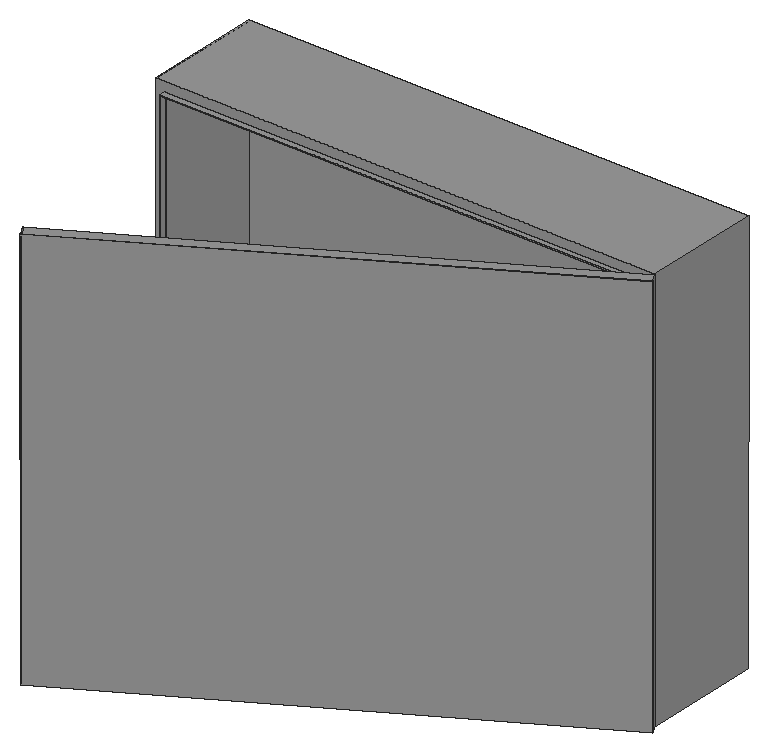
Revit family "Hager-Univers-IP54-D205-H650-Cl.II-Encl-NoHosted-PT-pt", category Electrical Equipment, Revit 2020
Family settings
  Panel Configuration = Two Columns, Circuits Across
  Round Connector Dimension = Use Diameter
  Part Type = Panelboard
  Work Plane-Based = Yes
  Always vertical = Yes
  Cut with Voids When Loaded = No
  Shared = No
  Room Calculation Point = No
Parameters (values of type "Montagem em superfície (gesso) IP54 L800 A650 P205  - FP43SW2")
  Width Control [instance] = if([EF000008 - Largura] > Min Width, [EF000008 - Largura], Min Width)  # 800 mm
  Type Comments = [HG000003 - Gama]  # "Univers"
  Thickness Door [instance] = if([EF009171 - Espessura do material da porta/tampa] > 3 mm, 3 mm, [EF009171 - Espessura do material da porta/tampa])  # 1 mm
  Seal Frame Offset [instance] = 17 mm  # constant formula
  Plinth Visibility [instance] = [HG000027 - Altura da Plinta] > 0 mm  # no
  Min Width [instance] = 100 mm  # constant formula
  Min Depth [instance] = (2 * [EF009170 - Espessura do material do invólucro]) + 1 mm  # 3 mm
  Min Height [instance] = 100 mm  # constant formula
  Internal Frame Depth [instance] = (Door System Depth * 0.5)  # 9 mm
  Panel Name [instance] = ""  # (empty or 0)
  Model = ""
  HG000027 - Altura da Plinta = 0 mm
  HG000026 - Instalação no chão = no
  HG000024 - Altura da secção inferior = 600 mm
  HG000023 - Recinto de secção dupla = no
  HG000016 - Visibilidade da porta 3D [instance] = yes
  HG000015 - Visibilidade através da porta [instance] = no
  HG000014 - Porta à direita [instance] = yes
  HG000013 - Porta à esquerda [instance] = not([HG000014 - Porta à direita])  # no
  HG000012 - Ângulo de abertura de porta [instance] = 30.00°
  HG000010 - Portas assimétricas = no
  HG000009 - Porta dupla = no
  HG000006 - Encastrado = no
  HG000004 - Referência do Fabricante = "FP43SW2"
  HG000003 - Gama = "Univers"
  HG000002 - Com porta ou tampa = yes
  Frame Offset Bottom [instance] = 10 mm  # constant formula
  Frame Offset [instance] = 15 mm  # constant formula
  EF015940 - Tampa com libertação de sobrepressão = no
  EF011959 - Grau de proteção (NEMA) = ""
  EF009554 - Número de aberturas para placas de flange = 6
  EF009212 - Tipo de tampa = "EV000116 - Fechado"
  EF009171 - Espessura do material da porta/tampa = 1 mm
  EF009170 - Espessura do material do invólucro = 1 mm
  EF008873 - Corrente nominal (In) = 250 A
  EF007800 - Adequado para proteção contra raios = no
  EF006306 - Com fecho = no
  EF006244 - Tampa/porta transparente = no
  EF005474 - Grau de proteção (IP) = "EV006419 - IP54"
  EF004464 - Tipo de porta = "EV002646 - Único"
  EF004427 - Número de módulos = 144
  EF004293 - Força de impacto = "EV006815 - IK09"
  EF003532 - Adequado para uso no exterior = no
  EF002950 - Largura em número de módulos = 36
  EF001613 - Integridade do circuito = "EV000494 - Nenhum"
  EF001596 - Material do corpo = "EV000179 - Aço"
  EF001131 - Profundidade interior = 143 mm
  EF001088 - Extensão possível = yes
  EF000437 - Número de entradas de condutores = 6
  EF000339 - Tipo de difusor = "EV001012 - Tampa"
  EF000266 - Número de linhas = 4
  EF000218 - Profundidade incorporada = 205 mm
  EF000118 - Com tampa de montagem = no
  EF000116 - Número RAL = "9010"
  EF000049 - Profundidade = 205 mm
  EF000040 - Altura = 650 mm
  EF000008 - Largura = 800 mm
  EF000007 - Cor = "EV000202 - Branco"
  EF000003 - Método de montagem = "EV000384 - Montagem em superfície (gesso)"
  Door System Leaf Tolerance [instance] = 1.5 mm  # constant formula
  Door System Depth [instance] = 18 mm  # constant formula
  Door Height [instance] = Height Control - [HG000027 - Altura da Plinta]  # 650 mm
  Description = ""
  Default Elevation = 1219.2 mm
  Connector Offset [instance] = Height Control / 2  # 325 mm
  Manufacturer = "Hager"  # constant formula
  Height Control [instance] = if([EF000040 - Altura] > Min Height, [EF000040 - Altura], Min Height)  # 650 mm
  Depth Control [instance] = if([EF000049 - Profundidade] > Min Depth, [EF000049 - Profundidade], Min Depth)  # 205 mm
  Bottom Top Plate Trim [instance] = 1.5 mm  # constant formula
  Plinth height Ctrl [instance] = if([HG000027 - Altura da Plinta] > 0 mm, [HG000027 - Altura da Plinta], 12 mm)  # 12 mm
Types (4, lengths in mm): name | Width Control | HG000009 - Porta dupla | HG000004 - Referência do Fabricante | EF009554 - Número de aberturas para placas de flange | EF004464 - Tipo de porta | EF004427 - Número de módulos | EF002950 - Largura em número de módulos | EF000437 - Número de entradas de condutores | EF000008 - Largura
  Montagem em superfície (gesso) IP54 L1050 A650 P205  - FP44SW2 | 1050 | yes | "FP44SW2" | 8 | "EV003602 - Duplo" | 192 | 48 | 8 | 1050
  Montagem em superfície (gesso) IP54 L300 A650 P205  - FP41SW2 | 300 | no | "FP41SW2" | 2 | "EV002646 - Único" | 48 | 12 | 2 | 300
  Montagem em superfície (gesso) IP54 L550 A650 P205  - FP42SW2 | 550 | no | "FP42SW2" | 4 | "EV002646 - Único" | 96 | 24 | 4 | 550
  Montagem em superfície (gesso) IP54 L800 A650 P205  - FP43SW2 | 800 | no | "FP43SW2" | 6 | "EV002646 - Único" | 144 | 36 | 6 | 800
Reference planes
  plane 1 "Center (Front/Back)": y = 0
  plane 2: z = 0
  plane 3 "Center (Left/Right)": x = 0
  plane 4: y = 0
  plane 5: y = 0
  plane 6: z = 0
  plane 7: x = -400
  plane 8: x = 400
  plane 9: x = 399
  plane 10: x = -399
  plane 11: z = 0
  plane 12: z = 1
  plane 13: y = -205
  plane 14: y = -1
  plane 15: x = 0
  plane 16: y = -187
  plane 17: y = -204
  plane 18: y = -186
  plane 19: x = -384
  plane 20: x = 384
  plane 21: z = 11
  plane 22: x = -383
  plane 23: x = 383
  plane 24: z = 0
  plane 25: z = 650
  plane 26: z = 650
  plane 27: z = 634
  plane 28: z = 649
Forms (mm)
  Extrusion 1, solid, material "Hager_Steel_RAL7035_Light_Grey", detail levels medium+fine
    sketch origin (-208.679, -4572, 0) x (-1, 0, 0) y (0, -1, 0)
      loop
        line (191.321, -4385) -> (-608.679, -4385) -> (-608.679, -4572) -> (191.321, -4572) -> (191.321, -4385)
    from 0 to 650
  Extrusion 2, void
    sketch origin (-350.771, -205, 1219.2) x (1, 0, 0) y (0, 0, 1)
      loop
        line (-48.229, -570.2) -> (-48.229, -1218.2) -> (749.771, -1218.2) -> (749.771, -570.2) -> (-48.229, -570.2)
    from -19 to -204
  Extrusion 3, void
    sketch origin (-290.084, -187, 1219.2) x (1, 0, 0) y (0, 0, 1)
      loop
        line (-93.916, -1208.2) -> (674.084, -1208.2) -> (674.084, -585.2) -> (-93.916, -585.2) -> (-93.916, -1208.2)
    from 0 to -1
  Extrusion 4, solid, material "Hager_Steel_RAL7035_Light_Grey", visible <- "Plinth Visibility", detail levels medium+fine
    sketch origin (0, 0, 0) x (1, 0, 0) y (0, 1, 0)
      loop
        line (-400, 0) -> (-400, -187) -> (400, -187) -> (400, 0) -> (-400, 0)
    from 0 to 12 <- "Plinth height Ctrl"
  Extrusion 5, solid, material "Hager_Steel_RAL7035_Light_Grey", detail levels coarse
    sketch origin (0, 0, 0) x (1, 0, 0) y (0, 1, 0)
      loop
        line (-400, 0) -> (-400, -205) -> (400, -205) -> (400, 0) -> (-400, 0)
    from 0 to 650 <- "Height Control"
  Sweep 6, void
    path in 3D
      loop
        line (-400, -187, 12) -> (400, -187, 12) -> (400, 0, 12) -> (-400, 0, 12) -> (-400, -187, 12)
    profile origin (-400, -93.5, 12) x (1, 0, 0) y (0, 0, 1)
      loop
        line (0, 0) -> (0, -1.5) -> (1.5, -1.5)
        arc (1.5, -1.5) -> (1.061, -0.439) -> (0, 0) r 1.5
  Extrusion 7, solid, material "Hager_Steel_RAL7035_Light_Grey", detail levels fine
    sketch origin (-400, -187, 0) x (1, 0, 0) y (0, 0, 1)
      loop
        line (16, 11) -> (784, 11) -> (784, 634) -> (16, 634) -> (16, 11)
      loop
        line (15, 10) -> (785, 10) -> (785, 635) -> (15, 635) -> (15, 10)
    from 0 to 9 <- "Internal Frame Depth"
Cuts and joins
  Extrusion 2, Extrusion 3 cuts Extrusion 1
  Sweep 6 cuts Extrusion 4
Lines and regions (mm)
  Masking region 1
    outline origin (0, 0, 0) x (1, 0, 0) y (0, 1, 0)
      loop
        line (-400, 0) -> (-400, -205) -> (400, -205) -> (400, 0) -> (-400, 0)
  Masking region 2, detail levels coarse
    outline origin (-290.084, -187, 1219.2) x (-1, 0, 0) y (0, 0, 1)
      loop
        line (-690.084, -1219.2) -> (109.916, -1219.2) -> (109.916, -569.2) -> (-690.084, -569.2) -> (-690.084, -1219.2)
  Masking region 3, detail levels coarse
    outline origin (0, 0, 0) x (0, 1, 0) y (0, 0, 1)
      loop
        line (0, 0) -> (0, 650) -> (-205, 650) -> (-205, 0) -> (0, 0)
  Masking region 4, visible <- "Plinth Visibility", detail levels medium+fine
    outline origin (0, 0, 0) x (0, 1, 0) y (0, 0, 1)
      loop
        line (-1.5, 12) -> (-185.5, 12)
        arc (-185.5, 12) -> (-185.939, 10.939) -> (-187, 10.5) r 1.5
        line (-187, 10.5) -> (-187, 0) -> (0, 0) -> (0, 10.5)
        arc (0, 10.5) -> (-1.061, 10.939) -> (-1.5, 12) r 1.5
  Masking region 5, detail levels medium+fine
    outline origin (0, 0, 594.038) x (0, 1, 0) y (0, 0, 1)
      loop
        line (0, -594.038) -> (0, 55.962) -> (-187, 55.962) -> (-187, -594.038) -> (0, -594.038)
  Masking region 6, detail levels medium+fine
    outline origin (-359.7, -187, 1211.883) x (-1, 0, 0) y (0, 0, 1)
      loop
        line (-759.7, -1211.883) -> (40.3, -1211.883) -> (40.3, -561.883) -> (-759.7, -561.883) -> (-759.7, -1211.883)
  Masking region 7, visible <- "Plinth Visibility", detail levels medium+fine
    outline origin (-320.334, -187, 1041.368) x (-1, 0, 0) y (0, 0, 1)
      loop
        line (-720.334, -1041.368) -> (79.666, -1041.368) -> (79.666, -1030.868)
        arc (79.666, -1030.868) -> (78.606, -1030.429) -> (78.166, -1029.368) r 1.5
        line (78.166, -1029.368) -> (-718.834, -1029.368)
        arc (-718.834, -1029.368) -> (-719.273, -1030.429) -> (-720.334, -1030.868) r 1.5
        line (-720.334, -1030.868) -> (-720.334, -1041.368)
  sketch lines
    curve 1: line (-400, 0, 12) -> (-400, -187, 12)
    curve 2: line (-400, -187, 12) -> (400, -187, 12)
    curve 3: line (400, 0, 12) -> (-400, 0, 12)
    curve 4: line (400, -187, 12) -> (400, 0, 12)
Dimensions and locks
  locked: plane 1 "Center (Front/Back)" to plane 5
  "EF009170 - Espessura do material do invólucro": plane 7 to plane 10
  "EF009170 - Espessura do material do invólucro": plane 8 to plane 9
  equal spacing: plane 7, plane 3 "Center (Left/Right)", plane 8
  "Width Control": plane 7 to plane 8
  "Depth Control": plane 4 to plane 13
  "EF009170 - Espessura do material do invólucro": plane 4 to plane 14
  "Height Control": plane 25 to level
  "HG000027 - Altura da Plinta": plane 11 to level
  "EF009170 - Espessura do material do invólucro": plane 12 to plane 11
  "EF009170 - Espessura do material do invólucro": plane 17 to plane 13
  "EF009170 - Espessura do material do invólucro": plane 18 to plane 16
  "Frame Offset Bottom": plane 21 to plane 12
  "Frame Offset": plane 10 to plane 19
  "Frame Offset": plane 9 to plane 20
  "Door System Depth": plane 16 to plane 13
  "Seal Frame Offset": plane 7 to plane 22
  "Seal Frame Offset": plane 8 to plane 23
  "EF009170 - Espessura do material do invólucro": plane 26 to plane 28
  "Frame Offset": plane 28 to plane 27
  "Connector Offset": plane 2 to connector elem
  "Bottom Top Plate Trim": profile plane to Sweep 6 sketch curve
  "Bottom Top Plate Trim": Sweep 6 sketch curve to Sweep 6 sketch curve
  "Plinth height Ctrl": Masking region 4 sketch curve to level
  "Plinth height Ctrl": Masking region 7 sketch curve to level
  "Thickness Door": Extrusion 7 sketch curve to Extrusion 7 sketch curve  (x4)
  "Bottom Top Plate Trim": radius of Sweep 6 sketch curve
  "Bottom Top Plate Trim": radius of Masking region 4 sketch curve  (x2)
  "Bottom Top Plate Trim": radius of Masking region 7 sketch curve  (x2)
  aligned and locked: Extrusion 2 sketch curve to plane 12
  aligned and locked: Extrusion 2 sketch curve to plane 9
  aligned and locked: Extrusion 2 sketch curve to plane 10
  aligned and locked: Extrusion 2 to plane 14
  aligned and locked: Extrusion 1 sketch curve to plane 4
  aligned and locked: plane 8 to Extrusion 1 sketch curve
  aligned and locked: plane 7 to Extrusion 1 sketch curve
  aligned and locked: Extrusion 2 to plane 18
  aligned and locked: Extrusion 3 sketch curve to plane 19
  aligned and locked: plane 20 to Extrusion 3 sketch curve
  aligned and locked: Extrusion 3 to Extrusion 2
  aligned and locked: Extrusion 3 sketch curve to plane 21
  aligned and locked: plane 3 "Center (Left/Right)" to nested 1
  aligned and locked: Extrusion 1 sketch curve to plane 16
  aligned and locked: Extrusion 4 sketch curve to cut or joined group of Extrusion 1, Extrusion 2, Extrusion 3
  aligned and locked: Masking region 1 sketch curve to plane 7
  aligned and locked: Masking region 1 sketch curve to plane 5
  aligned and locked: Masking region 1 sketch curve to plane 8
  aligned and locked: Masking region 2 sketch curve to level
  aligned and locked: level to Masking region 3 sketch curve
  aligned and locked: plane 1 "Center (Front/Back)" to Masking region 3 sketch curve
  aligned and locked: plane 13 to Masking region 3 sketch curve
  aligned and locked: plane 5 to Masking region 4 sketch curve
  aligned and locked: Masking region 2 sketch curve to plane 8
  aligned and locked: Masking region 2 sketch curve to plane 7
  aligned and locked: plane 7 to nested 2
  aligned and locked: nested 2 to plane 5
  aligned and locked: plane 5 to Masking region 5 sketch curve
  aligned and locked: plane 26 to Masking region 5 sketch curve
  aligned and locked: Extrusion 5 sketch curve to plane 8
  aligned and locked: Extrusion 5 sketch curve to plane 7
  aligned and locked: Extrusion 5 sketch curve to plane 5
  aligned and locked: Extrusion 3 sketch curve to plane 27
  aligned and locked: Extrusion 2 sketch curve to plane 28
  aligned and locked: Masking region 2 to plane 25
  aligned and locked: Extrusion 4 to plane 16
  aligned and locked: profile plane to Sweep 6 sketch curve
  aligned and locked: Masking region 5 sketch curve to plane 24
  aligned and locked: level to Masking region 4 sketch curve
  aligned and locked: Masking region 1 to plane 13
  aligned and locked: nested 1 to plane 16
  aligned and locked: Masking region 3 to plane 25
  aligned and locked: plane 16 to Masking region 4 sketch curve
  aligned and locked: Masking region 5 sketch curve to plane 16
  aligned and locked: plane 24 to plane 11
  aligned and locked: plane 26 to plane 25
  aligned and locked: plane 26 to cut or joined group of Extrusion 1, Extrusion 2, Extrusion 3
  aligned and locked: nested 1 to plane 24
  aligned and locked: Extrusion 1 to Extrusion 3
  aligned and locked: Masking region 6 sketch curve to plane 8
  aligned and locked: Masking region 6 sketch curve to plane 24
  aligned and locked: Masking region 6 sketch curve to plane 7
  aligned and locked: Masking region 6 sketch curve to plane 26
  aligned and locked: Masking region 7 sketch curve to plane 7
  aligned and locked: level to Masking region 7 sketch curve
  aligned and locked: Masking region 7 sketch curve to plane 8
  aligned and locked: Extrusion 7 sketch curve to cut or joined group of Extrusion 1, Extrusion 2, Extrusion 3  (x4)
Automatic sketch dimensions
  plane 19 to Extrusion 3 sketch curve = 0 mm
  Extrusion 3 sketch curve to plane 20 = 0 mm
  Extrusion 3 sketch curve to plane 21 = 0 mm
  Extrusion 4 sketch curve to plane 7 = 0 mm
  Extrusion 4 sketch curve to plane 8 = 0 mm
  Extrusion 4 sketch curve to plane 16 = 0 mm
  Masking region 1 sketch curve to plane 13 = 0 mm
  Masking region 2 sketch curve to plane 25 = 0 mm
  Masking region 3 sketch curve to plane 25 = 0 mm
  Extrusion 5 sketch curve to plane 13 = 0 mm
  profile plane to Sweep 6 sketch curve = 0 mm
Nested families
  nested 1: "EC000058_Univers_Door" at (0, -187, 0), Double <- "HG000009 - Porta dupla", Transparent <- "EF006244 - Tampa/porta transparente", Angle <- "HG000012 - Ângulo de abertura de porta", Door_Right <- "HG000014 - Porta à direita", Assymetrical <- "HG000010 - Portas assimétricas", Door <- "HG000002 - Com porta ou tampa", Width_Ctrl <- "Width Control", 3d_Door <- "HG000016 - Visibilidade da porta 3D", Clearance <- "HG000015 - Visibilidade através da porta", Door_Left <- "HG000013 - Porta à esquerda", Width <- "Width Control", Door_Depth <- "Door System Depth", Leaf_Tolerance <- "Door System Leaf Tolerance", Height <- "Door Height", Lock_Visibility <- "EF006306 - Com fecho", Thickness <- "Thickness Door", type "EC000058_Univers_Door", detail levels medium+fine
    with min_wh 3 mm, Width_Ctrl 800 mm, Width 800 mm, Transparent no, Thickness 1 mm, Seal_Material Hager_Rubber, Lock_Visibility no, Lock_Material Hager_Plastic_RAL9005_Jet_Black, Leaf_Width 800 mm, Leaf_Tolerance_External_Sides 0 mm, Leaf_Tolerance 1.5 mm, Leaf_Offset 0 mm, Leaf_Height 647 mm, Leaf_2_Width 800 mm, Leaf_2_Offset 400 mm, Leaf_1_Width 800 mm, Leaf_1_Offset 400 mm, Height_Ctrl 650 mm, Height 650 mm, Glass_Material Hager_Glass, Double_Clearance_Ctrl no, Double no, Door_Right_Ctrl yes, Door_Right yes, Door_Material Hager_Steel_RAL7035_Light_Grey, Door_Left_Ctrl no, Door_Left no, Door_Depth 18 mm, Door yes, Clearance_Material Hager_Clearance, Clearance_Depth 800 mm, Clearance_Ctrl no, Clearance no, Assymetrical no, Angle 30.00°, 3d_Door yes
  nested 2: "Hager_Enclosure_Symbol" at (-400, 0, 0), Height <- "Depth Control", Width <- "Width Control", type "Hager_Enclosure_Symbol"
    with Width_Ctrl 800 mm, Width 800 mm, Height_Ctrl 205 mm, Height 205 mm, A_Width_Int 13.453 mm, A_Width 161.438 mm, A_Height_Ctrl 179.375 mm, A_Height 179.375 mm
Connectors
  electrical at (0, 0, 325)
    settings: on plane 1 "Center (Front/Back)", index 1, voltage 0 V, apparent load 0 VA, apparent load phase1 0 VA, apparent load phase2 0 VA, apparent load phase3 0 VA, power factor 1, load classification "Other", number of poles 1, system type 30, power factor state 1, is connector primary yes, connector utility no, sub classification motor no, connector description ""
Definition of nested family "EC000058_Univers_Door"
  Parameters (values of type "EC000058_Univers_Door")
    min_wh [instance] = (2 * Thickness) + 1 mm  # 11 mm
    Width_Ctrl [instance] = 400 mm
    Width [instance] = 500 mm
    Transparent [instance] = yes
    Thickness [instance] = 5 mm
    Seal_Material [instance] = none
    Lock_Visibility [instance] = yes
    Lock_Material [instance] = none
    Leaf_Width [instance] = if((Width_Ctrl - 2 * Leaf_Tolerance_External_Sides) > 0 mm, (Width_Ctrl - 2 * Leaf_Tolerance_External_Sides), min_wh)  # 400 mm
    Leaf_Tolerance_External_Sides [instance] = 0 mm  # constant formula
    Leaf_Tolerance [instance] = 1.5 mm
    Leaf_Offset [instance] = 0 mm  # constant formula
    Leaf_Height [instance] = if((Height_Ctrl - 2 * Leaf_Tolerance) > 0 mm, (Height_Ctrl - 2 * Leaf_Tolerance), min_wh)  # 497 mm
    Leaf_2_Width [instance] = if(and(and(Double, Assymetrical), Door_Left), (Leaf_Width / 3) - (Leaf_Tolerance / 2), if(and(and(Double, Assymetrical), Door_Right), (Leaf_Width / 3) * 2 - (Leaf_Tolerance / 2), if(and(Double, not(Assymetrical)), (Leaf_Width / 2) - Leaf_Tolerance, Leaf_Width)))  # 400 mm
    Leaf_2_Offset [instance] = if(and(Double, Assymetrical), Leaf_2_Width / 2, if(and(Double, not(Assymetrical)), Leaf_Width / 4, Leaf_Width / 2))  # 200 mm
    Leaf_1_Width [instance] = if(and(and(Double, Assymetrical), Door_Right), (Leaf_Width / 3) - (Leaf_Tolerance / 2), if(and(and(Double, Assymetrical), Door_Left), (Width / 3) * 2 - (Leaf_Tolerance / 2), if(and(Double, not(Assymetrical)), (Leaf_Width / 2) - Leaf_Tolerance, Leaf_Width)))  # 400 mm
    Leaf_1_Offset [instance] = if(and(Double, Assymetrical), Leaf_1_Width / 2, if(and(Double, not(Assymetrical)), Leaf_Width / 4, Leaf_Width / 2))  # 200 mm
    Height_Ctrl [instance] = if(Height > min_wh, Height, min_wh)  # 500 mm
    Height [instance] = 500 mm
    Glass_Material [instance] = none
    Double_Clearance_Ctrl [instance] = and(Double, Clearance)  # no
    Double [instance] = no
    Door_Right_Ctrl [instance] = and(or(Door_Right, Double), Door)  # yes
    Door_Right [instance] = yes
    Door_Material [instance] = none
    Door_Left_Ctrl [instance] = and(or(Door_Left, Double), Door)  # no
    Door_Left [instance] = no
    Door_Depth [instance] = 30 mm
    Door [instance] = yes
    Default Elevation = 1219.2 mm
    Clearance_Material [instance] = none
    Clearance_Depth [instance] = if(Leaf_1_Width > Leaf_2_Width, Leaf_1_Width, Leaf_2_Width)  # 400 mm
    Clearance_Ctrl [instance] = and(not(Double), Clearance)  # yes
    Clearance [instance] = yes
    Assymetrical [instance] = yes
    Angle [instance] = 30.00°
    3d_Door [instance] = yes
  Reference planes
    plane 1 "Center (Front/Back)": y = 0
    plane 2 "Bottom": z = 0
    plane 3 "Center (Left/Right)": x = 0
    plane 4: z = 500
    plane 5: x = -200
    plane 6: x = 200
    plane 7: z = 500
    plane 8: x = -200
    plane 9: z = 0
    plane 10: x = 200
    plane 11: y = 0
    plane 12: z = 1.5
    plane 13: x = -600
    plane 14: y = -400
    plane 15: x = 600
    plane 16: x = 0
    plane 17: x = 0
    plane 18: x = -200
    plane 19: x = 200
    plane 20: z = 498.5
  Forms (mm)
    Extrusion 1, solid, material <- "Clearance_Material", visible <- "Double_Clearance_Ctrl"
      sketch origin (1200, 0, 0) x (1, 0, 0) y (0, 0, -1)
        loop
          line (-1800, -498.5) -> (-600, -498.5) -> (-600, 0) -> (-1800, 0) -> (-1800, -498.5)
      from 0 to -400
  Dimensions and locks
    equal spacing: plane 5, plane 3 "Center (Left/Right)", plane 6
    "Width_Ctrl": plane 5 to plane 6
    "Leaf_Offset": plane 5 to plane 8
    "Leaf_Offset": plane 6 to plane 10
    "Leaf_Offset": plane 9 to level
    "Leaf_Offset": plane 4 to plane 7
    "Height_Ctrl": plane 4 to level
    "Leaf_Tolerance": plane 12 to plane 9
    locked: plane 11 to plane 1 "Center (Front/Back)"
    "Leaf_1_Offset": plane 18 to plane 16
    "Leaf_2_Offset": plane 17 to plane 19
    "Leaf_1_Width": plane 13 to plane 8
    "Leaf_2_Width": plane 10 to plane 15
    "Clearance_Depth": plane 14 to plane 1 "Center (Front/Back)"
    "Leaf_Tolerance_External_Sides": plane 8 to plane 18
    "Leaf_Tolerance_External_Sides": plane 19 to plane 10
    "Leaf_Tolerance": plane 7 to plane 20
    aligned and locked: level to plane 2 "Bottom"
    aligned and locked: nested 1 to plane 16
    aligned and locked: nested 2 to plane 17
    aligned and locked: Extrusion 1 to plane 13
    aligned and locked: plane 15 to Extrusion 1
    aligned and locked: Extrusion 1 to plane 14
    aligned and locked: plane 12 to nested 1
    aligned and locked: nested 2 to plane 12
    aligned and locked: Extrusion 1 to plane 11
    aligned and locked: plane 20 to Extrusion 1
    aligned and locked: nested 2 to plane 11
    aligned and locked: nested 1 to plane 11
  Automatic sketch dimensions
    Extrusion 1 sketch curve to level = 0 mm
    plane 5 to Extrusion 1 sketch curve = 400 mm
    plane 6 to Extrusion 1 sketch curve = 400 mm
    Extrusion 1 sketch curve to plane 4 = 1.5 mm
  Nested families
    nested 1: "EC000058_Univers_Door_Leaf" at (0, 0, 1.5), Width <- "Leaf_1_Width", visible <- "Door_Left_Ctrl", Leaf_Height <- "Leaf_Height", Angle <- "Angle", 3d_Door <- "3d_Door", Transparent <- "Transparent", Clearance Material <- "Clearance_Material", Clearance <- "Clearance_Ctrl", Door_Material <- "Door_Material", Glass_Material <- "Glass_Material", Door_Depth <- "Door_Depth", Lock_Material <- "Lock_Material", Seal_Material <- "Seal_Material", Lock_Visibility <- "Lock_Visibility", Thickness <- "Thickness", type "EC000058_Univers_Door_Leaf"
      with Width 400 mm, Transparent_Glass_Offset 30 mm, Transparent_Ctrl yes, Transparent yes, Thickness 5 mm, Standard no, Seal_Material none, Seal_D2 8 mm, Seal_D1 1 mm, Offset_Internal_Frame 10 mm, Lock_Width 20 mm, Lock_Visibility_3d yes, Lock_Visibility yes, Lock_Thickness_3 3 mm, Lock_Thickness_2 1 mm, Lock_Thickness_1 3 mm, Lock_Radius_Offset_2 16 mm, Lock_Radius_Offset_1 15 mm, Lock_Radius_2 5 mm, Lock_Radius 6 mm, Lock_Offset 5 mm, Lock_Material none, Lock_Height 80 mm, Lock_Cover_Top_Offset_2d 17 mm, Lock_Cover_Height -65 mm, Leaf_Height 497 mm, Internal_Seal_Thickness 8 mm, Internal_Seal_Depth_2 4.5 mm, Internal_Frame_Depth 25 mm, Glass_Thickness -1 mm, Glass_Offset -2 mm, Glass_Material none, Door_Material none, Door_Depth 30 mm, Clearance Material none, Clearance yes, Angle_Ctrl 30.00°, Angle 30.00°, 3d_Door yes
    nested 2: "EC000058_Univers_Door_Leaf" at (0, 0, 1.5) x (-1, 0, 0) z (0, 0, 1), Width <- "Leaf_2_Width", visible <- "Door_Right_Ctrl", Leaf_Height <- "Leaf_Height", Angle <- "Angle", 3d_Door <- "3d_Door", Transparent <- "Transparent", Clearance Material <- "Clearance_Material", Clearance <- "Clearance_Ctrl", Door_Material <- "Door_Material", Glass_Material <- "Glass_Material", Door_Depth <- "Door_Depth", Lock_Material <- "Lock_Material", Seal_Material <- "Seal_Material", Lock_Visibility <- "Lock_Visibility", Thickness <- "Thickness", type "EC000058_Univers_Door_Leaf"
      with Width 400 mm, Transparent_Glass_Offset 30 mm, Transparent_Ctrl yes, Transparent yes, Thickness 5 mm, Standard no, Seal_Material none, Seal_D2 8 mm, Seal_D1 1 mm, Offset_Internal_Frame 10 mm, Lock_Width 20 mm, Lock_Visibility_3d yes, Lock_Visibility yes, Lock_Thickness_3 3 mm, Lock_Thickness_2 1 mm, Lock_Thickness_1 3 mm, Lock_Radius_Offset_2 16 mm, Lock_Radius_Offset_1 15 mm, Lock_Radius_2 5 mm, Lock_Radius 6 mm, Lock_Offset 5 mm, Lock_Material none, Lock_Height 80 mm, Lock_Cover_Top_Offset_2d 17 mm, Lock_Cover_Height -65 mm, Leaf_Height 497 mm, Internal_Seal_Thickness 8 mm, Internal_Seal_Depth_2 4.5 mm, Internal_Frame_Depth 25 mm, Glass_Thickness -1 mm, Glass_Offset -2 mm, Glass_Material none, Door_Material none, Door_Depth 30 mm, Clearance Material none, Clearance yes, Angle_Ctrl 30.00°, Angle 30.00°, 3d_Door yes
  Definition of nested family "EC000058_Univers_Door_Leaf"
    Parameters (values of type "EC000058_Univers_Door_Leaf")
      Width [instance] = 2000 mm
      Transparent_Glass_Offset [instance] = 30 mm
      Transparent_Ctrl [instance] = and(Transparent, [3d_Door])  # yes
      Transparent [instance] = yes
      Thickness [instance] = 5 mm
      Standard [instance] = and(not(Transparent), [3d_Door])  # no
      Seal_Material [instance] = none
      Seal_D2 [instance] = 8 mm  # constant formula
      Seal_D1 [instance] = 1 mm  # constant formula
      Offset_Internal_Frame [instance] = 10 mm  # constant formula
      Lock_Width [instance] = 20 mm  # constant formula
      Lock_Visibility_3d [instance] = and(Lock_Visibility, [3d_Door])  # yes
      Lock_Visibility [instance] = yes
      Lock_Thickness_3 [instance] = 3 mm  # constant formula
      Lock_Thickness_2 [instance] = 1 mm  # constant formula
      Lock_Thickness_1 [instance] = 3 mm  # constant formula
      Lock_Radius_Offset_2 [instance] = Lock_Radius_Offset_1 + 1 mm  # 16 mm
      Lock_Radius_Offset_1 [instance] = 15 mm  # constant formula
      Lock_Radius_2 [instance] = Lock_Radius - 1 mm  # 5 mm
      Lock_Radius [instance] = 6 mm  # constant formula
      Lock_Offset [instance] = 5 mm  # constant formula
      Lock_Material [instance] = none
      Lock_Height [instance] = 80 mm  # constant formula
      Lock_Cover_Top_Offset_2d [instance] = Lock_Radius_Offset_2 + 1 mm  # 17 mm
      Lock_Cover_Height [instance] = -(Lock_Height - Lock_Radius_Offset_1)  # -65 mm
      Leaf_Height [instance] = 2720.336 mm
      Internal_Seal_Thickness [instance] = 8 mm  # constant formula
      Internal_Seal_Depth_2 [instance] = 4.5 mm  # constant formula
      Internal_Frame_Depth [instance] = if(Door_Depth - Thickness > 5 mm, Door_Depth - Thickness, 5 mm)  # 25 mm
      Glass_Thickness [instance] = if(Thickness > 15 mm, Glass_Offset + 10 mm, -1 mm)  # -1 mm
      Glass_Offset [instance] = if(Thickness > 15 mm, -(Thickness + 10 mm) / 2, -2 mm)  # -2 mm
      Glass_Material [instance] = none
      Door_Material [instance] = none
      Door_Depth [instance] = 30 mm
      Default Elevation = 0 mm
      Clearance Material [instance] = none
      Clearance [instance] = yes
      Angle_Ctrl [instance] = if(Angle > 180.00°, 180.00°, Angle)  # 90.00°
      Angle [instance] = 90.00°
      3d_Door [instance] = yes
    Reference planes
      plane 1 "Center (Front/Back)": y = 0
      plane 2: z = 0
      plane 3 "Center (Left/Right)": x = 0
      plane 4: y = 2000
      plane 5: x = -1000
      plane 6: x = 1000
      plane 7: x = -3000
      plane 8: z = 2720.336
      plane 9: z = 30
      plane 10: z = 2690.336
      plane 11: x = 970
      plane 12: x = -970
      plane 13: y = -3
      plane 14: z = 107.833
      plane 15: y = -5
      plane 16: y = -223.314
      plane 17: x = -1000
      plane 18: z = 1360.168
      plane 19: y = 30
    Forms (mm)
      Extrusion 1, solid, material <- "Clearance Material", visible <- "Clearance"
        sketch origin (0, 0, 0) x (1, 0, 0) y (0, 0, 1)
          loop
            line (-3000, 2720.336) -> (-3000, 0) -> (1000, 0) -> (1000, 2720.336) -> (-3000, 2720.336)
        from 0 to -2000
      Extrusion 2, solid, material <- "Door_Material", visible <- "Standard", detail levels medium+fine
        sketch origin (-1000, 0, 0) x (0, 1, 0) y (-1, 0, 0)
          loop
            line (0, 30) -> (0, 25) -> (2000, 25) -> (2000, 30) -> (0, 30)
        from 0 to 2720.336 <- "Leaf_Height"
      Extrusion 3, solid, material <- "Door_Material", visible <- "Transparent_Ctrl", detail levels medium+fine
        sketch origin (-1000, 0, 0) x (0, 1, 0) y (-1, 0, 0)
          loop
            line (0, 25) -> (2000, 25) -> (2000, 30) -> (0, 30) -> (0, 25)
        from 0 to 2720.336 <- "Leaf_Height"
      Extrusion 4, void
        sketch origin (-1025, 2000, 0) x (0, 1, 0) y (0, 0, -1)
          loop
            line (-30, -2690.336) -> (-30, -30) -> (-1970, -30) -> (-1970, -2690.336) -> (-30, -2690.336)
        from 0 to 5 <- "Thickness"
      Sweep 5, solid, material <- "Seal_Material", visible <- "Transparent_Ctrl", detail levels fine
        path in 3D
          loop
            line (-1025, 30, 30) -> (-1025, 30, 2690.336) -> (-1025, 1970, 2690.336) -> (-1025, 1970, 30) -> (-1025, 30, 30)
        profile origin (-1025, 1000, 30) x (1, 0, 0) y (0, 0, 1)
          loop
            line (0, 0) -> (0, -8) -> (1, -8) -> (1, 0) -> (0, 0)
      Extrusion 6, solid, material <- "Glass_Material", visible <- "Transparent_Ctrl", detail levels medium+fine
        sketch origin (-1030, 0, 0) x (0, 1, 0) y (0, 0, -1)
          loop
            line (1970, -2690.336) -> (1970, -30) -> (30, -30) -> (30, -2690.336) -> (1970, -2690.336)
        from -2 <- "Glass_Offset" to -1 <- "Glass_Thickness"
      Extrusion 7, solid, material <- "Door_Material", visible <- "3d_Door", detail levels medium+fine
        sketch origin (-1025, 2000, 0) x (0, -1, 0) y (0, 0, -1)
          loop
            line (0, -2720.336) -> (2000, -2720.336) -> (2000, 0) -> (0, 0) -> (0, -2720.336)
          loop
            line (1995, -5) -> (5, -5) -> (5, -2715.336) -> (1995, -2715.336) -> (1995, -5)
        from 0 to 25 <- "Internal_Frame_Depth"
      Sweep 8, solid, material <- "Seal_Material", visible <- "Transparent_Ctrl", detail levels fine
        path in 3D
          loop
            line (-1025, 0, 0) -> (-1025, 2000, 0) -> (-1025, 2000, 2720.336) -> (-1025, 0, 2720.336) -> (-1025, 0, 0)
        profile origin (-1025, 0, 1360.168) x (1, 0, 0) y (0, 1, 0)
          loop
            line (0, 10) -> (2.975, 10)
            arc (2.975, 10) -> (4.053, 10.447) -> (4.5, 11.525) r 1.525
            line (4.5, 11.525) -> (4.5, 16.527)
            arc (4.5, 16.527) -> (4.069, 17.569) -> (3.027, 18) r 1.473
            line (3.027, 18) -> (0, 18) -> (0, 10)
      Extrusion 9, solid, material <- "Lock_Material", visible <- "Lock_Visibility_3d", detail levels fine
        sketch origin (-1030, 0, 0) x (0, 1, 0) y (0, 0, -1)
          loop
            arc (1993.5, -1400.168) -> (1994.561, -1399.729) -> (1995, -1398.668) r 1.5
            line (1995, -1398.668) -> (1995, -1320.168) -> (1975, -1320.168) -> (1975, -1398.668)
            arc (1975, -1398.668) -> (1975.439, -1399.729) -> (1976.5, -1400.168) r 1.5
            line (1976.5, -1400.168) -> (1993.5, -1400.168)
        from 3 <- "Lock_Thickness_1" to 0
      Blend 10, solid, material <- "Lock_Material", visible <- "Lock_Visibility_3d", detail levels fine
        base sketch origin (-1033, 0, 0) x (0, 1, 0) y (0, 0, -1)
          loop
            line (1975, -1320.168) -> (1975, -1398.668)
            arc (1975, -1398.668) -> (1975.439, -1399.729) -> (1976.5, -1400.168) r 1.5
            line (1976.5, -1400.168) -> (1993.5, -1400.168)
            arc (1993.5, -1400.168) -> (1994.561, -1399.729) -> (1995, -1398.668) r 1.5
            line (1995, -1398.668) -> (1995, -1320.168) -> (1975, -1320.168)
        top sketch origin (-1033, 0, 0) x (0, 1, 0) y (0, 0, -1)
          loop
            line (1976, -1320.168) -> (1976, -1398.668)
            arc (1976, -1398.668) -> (1976.146, -1399.022) -> (1976.5, -1399.168) r 0.5
            line (1976.5, -1399.168) -> (1993.5, -1399.168)
            arc (1993.5, -1399.168) -> (1993.854, -1399.022) -> (1994, -1398.668) r 0.5
            line (1994, -1398.668) -> (1994, -1320.168) -> (1976, -1320.168)
        from 0 to 1 <- "Lock_Thickness_2"
      Blend 11, solid, material <- "Lock_Material", visible <- "Lock_Visibility_3d", detail levels fine
        base sketch origin (-1034, 0, 0) x (0, 1, 0) y (0, 0, -1)
          loop
            line (1978, -1320.168) -> (1978, -1384.168)
            arc (1978, -1384.168) -> (1985, -1391.168) -> (1992, -1384.168) r 7
            line (1992, -1384.168) -> (1992, -1320.168) -> (1978, -1320.168)
        top sketch origin (-1034, 0, 0) x (0, 1, 0) y (0, 0, -1)
          loop
            line (1991, -1320.168) -> (1979, -1320.168) -> (1979, -1383.168)
            arc (1979, -1383.168) -> (1985, -1389.168) -> (1991, -1383.168) r 6
            line (1991, -1383.168) -> (1991, -1320.168)
        from 0 to 3 <- "Lock_Thickness_3"
      Extrusion 12, solid, material <- "Lock_Material", visible <- "Lock_Visibility_3d", detail levels fine
        sketch origin (-1030, 1975, 1320.168) x (1, 0, 0) y (0, -1, 0)
          loop
            line (-7, -19) -> (-7, -1) -> (0, -1) -> (0, 0) -> (-8, 0) -> (-8, -20) -> (0, -20) -> (0, -19) -> (-7, -19)
        from 0 to -65 <- "Lock_Cover_Height"
      Extrusion 13, void
        sketch origin (-1038, 1995, 1320.168) x (-1, 0, 0) y (0, 0, -1)
          loop
            line (-5, -65) -> (0, -65) -> (-5, -60) -> (-5, -65)
        from 0 to 20 <- "Lock_Width"
      Extrusion 14, void
        sketch origin (-1038, 1975, 1320.168) x (0, -1, 0) y (0, 0, -1)
          loop
            circle (-10, -15.995) r 6
          loop
            circle (-10, -15.995) r 5
        from 0 to 2
      Extrusion 15, solid, material <- "Lock_Material", visible <- "Lock_Visibility_3d", detail levels medium
        sketch origin (-1030, 0, 0) x (0, 1, 0) y (0, 0, -1)
          loop
            arc (1993.5, -1400.168) -> (1994.561, -1399.729) -> (1995, -1398.668) r 1.5
            line (1995, -1398.668) -> (1995, -1320.168) -> (1975, -1320.168) -> (1975, -1398.668)
            arc (1975, -1398.668) -> (1975.439, -1399.729) -> (1976.5, -1400.168) r 1.5
            line (1976.5, -1400.168) -> (1993.5, -1400.168)
        from 8 to 0
    Cuts and joins
      Extrusion 4 cuts Extrusion 3
      Extrusion 13, Extrusion 14 cuts Extrusion 9
      Extrusion 14 cuts Blend 11
      Extrusion 13, Extrusion 14 cuts Extrusion 12
      joined: Extrusion 9, Blend 10, Blend 11, Extrusion 12
      Extrusion 14 cuts Extrusion 15
    Lines and regions (mm)
      Masking region 1, visible <- "Lock_Visibility", detail levels fine
        outline origin (0, 0, 0) x (0, 1, 0) y (0, 0, 1)
          loop
            line (30, 1320.168) -> (33, 1320.168) -> (33, 1400.168) -> (30, 1400.168) -> (30, 1320.168)
      Masking region 2, visible <- "Lock_Visibility", detail levels fine
        outline origin (0, 3.143, 0) x (0, 1, 0) y (0, 0, 1)
          loop
            line (29.857, 1354.168) -> (30.857, 1354.168) -> (30.857, 1366.168) -> (29.857, 1366.168) -> (29.857, 1354.168)
      Masking region 3, detail levels medium+fine
        outline origin (0, 0, 0) x (0, 1, 0) y (0, 0, 1)
          loop
            line (0, 0) -> (30, 0) -> (30, 2720.336) -> (0, 2720.336) -> (0, 0)
      Masking region 4, detail levels medium+fine
        outline origin (0, 0, 0) x (1, 0, 0) y (0, 0, 1)
          loop
            line (-1000, 2720.336) -> (-1000, 0) -> (1000, 0) -> (1000, 2720.336) -> (-1000, 2720.336)
      Masking region 5, visible <- "Lock_Visibility", detail levels fine
        outline origin (-47.116, 0, 0) x (1, 0, 0) y (0, 0, 1)
          loop
            arc (1024.616, 1399.168) -> (1023.556, 1398.729) -> (1023.116, 1397.668) r 1.5
            line (1023.116, 1397.668) -> (1023.116, 1320.168) -> (1041.116, 1320.168) -> (1041.116, 1397.668)
            arc (1041.116, 1397.668) -> (1040.677, 1398.729) -> (1039.616, 1399.168) r 1.5
            line (1039.616, 1399.168) -> (1024.616, 1399.168)
      Masking region 6, visible <- "Lock_Visibility", detail levels medium+fine
        outline origin (-25, 0, 0) x (1, 0, 0) y (0, 0, 1)
          loop
            arc (1001.5, 1400.168) -> (1000.439, 1399.729) -> (1000, 1398.668) r 1.5
            line (1000, 1398.668) -> (1000, 1320.168) -> (1020, 1320.168) -> (1020, 1398.668)
            arc (1020, 1398.668) -> (1019.561, 1399.729) -> (1018.5, 1400.168) r 1.5
            line (1018.5, 1400.168) -> (1001.5, 1400.168)
      Masking region 7, visible <- "Lock_Visibility", detail levels fine
        outline origin (-73.735, 0, 0) x (1, 0, 0) y (0, 0, 1)
          loop
            line (1051.735, 1382.168) -> (1065.735, 1382.168) -> (1065.735, 1384.168)
            arc (1065.735, 1384.168) -> (1058.735, 1391.168) -> (1051.735, 1384.168) r 7
            line (1051.735, 1384.168) -> (1051.735, 1382.168)
      Masking region 8, visible <- "Lock_Visibility", detail levels fine
        outline origin (-73.735, 0, 0) x (1, 0, 0) y (0, 0, 1)
          loop
            line (1052.735, 1382.168) -> (1064.735, 1382.168) -> (1064.735, 1383.168)
            arc (1064.735, 1383.168) -> (1058.735, 1389.168) -> (1052.735, 1383.168) r 6
            line (1052.735, 1383.168) -> (1052.735, 1382.168)
      Masking region 9, visible <- "Lock_Visibility", detail levels fine
        outline origin (-25, 0, 0) x (1, 0, 0) y (0, 0, 1)
          loop
            line (1020, 1320.168) -> (1020, 1382.168) -> (1000, 1382.168) -> (1000, 1320.168) -> (1020, 1320.168)
      Masking region 10, detail levels medium+fine
        outline origin (0, 0, 0) x (1, 0, 0) y (0, 0, 1)
          loop
            circle (985, 1335.144) r 6
      Masking region 11, detail levels fine
        outline origin (0, 0, 0) x (1, 0, 0) y (0, 0, 1)
          loop
            circle (985, 1335.144) r 5
      Masking region 12, visible <- "Lock_Visibility", detail levels fine
        outline origin (0, 12.767, 0) x (0, 1, 0) y (0, 0, 1)
          loop
            line (20.233, 1320.168) -> (21.233, 1320.168) -> (21.233, 1399.168) -> (20.233, 1400.168) -> (20.233, 1320.168)
      Masking region 13, visible <- "Lock_Visibility", detail levels fine
        outline origin (0, 13.767, -10) x (0, 1, 0) y (0, 0, 1)
          loop
            line (20.233, 1330.168) -> (23.233, 1330.168) -> (23.233, 1399.168) -> (20.233, 1402.168) -> (20.233, 1330.168)
      Masking region 14, visible <- "Lock_Visibility", detail levels fine
        outline origin (0, 12.767, -10) x (0, 1, 0) y (0, 0, 1)
          loop
            line (20.233, 1330.168) -> (25.233, 1330.168) -> (25.233, 1399.305) -> (20.233, 1394.305) -> (20.233, 1330.168)
      Masking region 15, visible <- "Lock_Visibility", detail levels medium
        outline origin (0, 0, 0) x (0, 1, 0) y (0, 0, 1)
          loop
            line (30, 1320.168) -> (38, 1320.168) -> (38, 1400.168) -> (30, 1400.168) -> (30, 1320.168)
      Masking region 16, visible <- "Lock_Visibility", detail levels fine
        outline origin (-1000, 0, 0) x (0, 1, 0) y (-1, 0, 0)
          loop
            line (1975, 30) -> (1995, 30) -> (1995, 38) -> (1975, 38) -> (1975, 30)
          loop
            line (1979, 37) -> (1976, 37) -> (1976, 34) -> (1978, 34) -> (1979, 37)
          loop
            line (1994, 37) -> (1991, 37) -> (1992, 34) -> (1994, 34) -> (1994, 37)
      Masking region 17, visible <- "Lock_Visibility", detail levels medium
        outline origin (-1000, 0, 0) x (0, 1, 0) y (-1, 0, 0)
          loop
            line (1975, 30) -> (1995, 30) -> (1995, 38) -> (1975, 38) -> (1975, 30)
      symbolic lines
        curve 1: line (1000, 0, 0) -> (-3000, 0, 0)
        curve 2: arc (1000, 0, 0) -> (-1000, 2000, 0) -> (-3000, 0, 0) r 2000
        curve 4: line (-1030, 0, 0) -> (-1030, 2000, 0)
      reference lines
        curve 3: line (-1000, 0, 0) -> (-1000, 2000, 0)
      symbolic lines, detail levels medium+fine
        curve 5: line (-1030, 2000, 0) -> (-1025, 2000, 0)
        curve 7: line (-1025, 0, 0) -> (-1030, 0, 0)
        curve 8: line (-1025, 0, 0) -> (-1000, 0, 0)
        curve 9: line (-1000, 0, 0) -> (-1000, 2000, 0)
        curve 10: line (-1000, 2000, 0) -> (-1025, 2000, 0)
      symbolic lines, detail levels fine
        curve 6: line (-1025, 2000, 0) -> (-1025, 0, 0)
      sketch lines
        curve 11: line (-1025, 0, 2720.336) -> (-1025, 0, 0)
        curve 12: line (-1025, 2000, 0) -> (-1025, 0, 0)
        curve 13: line (-1025, 2000, 2720.336) -> (-1025, 2000, 0)
        curve 14: line (-1025, 0, 2720.336) -> (-1025, 2000, 2720.336)
        curve 15: line (-1025, 1970, 30) -> (-1025, 30, 30)
        curve 16: line (-1025, 30, 30) -> (-1025, 30, 2690.336)
        curve 17: line (-1025, 1970, 2690.336) -> (-1025, 1970, 30)
        curve 18: line (-1025, 30, 2690.336) -> (-1025, 1970, 2690.336)
      symbolic lines, visible <- "Transparent", detail levels medium+fine
        curve 19: line (-970, 0, 2690.336) -> (970, 0, 2690.336)
        curve 20: line (-970, 0, 30) -> (-970, 0, 2690.336)
        curve 21: line (970, 0, 30) -> (-970, 0, 30)
        curve 22: line (970, 0, 2690.336) -> (970, 0, 30)
    Dimensions and locks
      "Width": plane 1 "Center (Front/Back)" to plane 4
      equal spacing: plane 5, plane 3 "Center (Left/Right)", plane 6
      "Width": plane 5 to plane 6
      "Width": plane 7 to plane 5
      "Leaf_Height": plane 8 to level
      "Width": curve 5 to curve 3
      "Width": curve 3 to curve 3
      plane 8 to plane 10 = 30 mm
      plane 9 to level = 30 mm
      plane 12 to plane 5 = 30 mm
      plane 6 to plane 11 = 30 mm
      Extrusion 1 to Extrusion 4 sketch curve = 30 mm
      "Transparent_Glass_Offset": curve 3 to Extrusion 4 sketch curve
      "Transparent_Glass_Offset": Extrusion 4 sketch curve to cut or joined group of Extrusion 3, Extrusion 4  (x2)
      cut or joined group of Extrusion 3, Extrusion 4 to Extrusion 6 sketch curve = 30 mm
      "Transparent_Glass_Offset": cut or joined group of Extrusion 3, Extrusion 4 to Extrusion 4 sketch curve
      "Thickness": curve 6 to curve 4
      "Thickness": Extrusion 7 sketch curve to Extrusion 7 sketch curve  (x4)
      "Door_Depth": curve 4 to curve 3
      "Offset_Internal_Frame": profile plane to Sweep 8 sketch curve
      "Internal_Seal_Thickness": Sweep 8 sketch curve to Sweep 8 sketch curve
      "Internal_Seal_Depth_2": profile plane to Sweep 8 sketch curve
      "Seal_D1": profile plane to Sweep 5 sketch curve
      "Seal_D2": profile plane to Sweep 5 sketch curve
      "Thickness": Extrusion 2 sketch curve to Extrusion 2 sketch curve
      equal spacing: Extrusion 9 sketch curve, plane 18, Extrusion 9 sketch curve  (x2)
      equal spacing: Masking region 1 sketch curve, plane 18, Masking region 1 sketch curve
      "Lock_Height": Masking region 1 sketch curve to Masking region 1 sketch curve
      "Lock_Radius": Masking region 2 sketch curve to plane 18 to Masking region 2 sketch curve
      Masking region 2 sketch curve to Masking region 1 = 1 mm
      "Door_Depth": plane 19 to plane 1 "Center (Front/Back)"
      "Lock_Thickness_1": Masking region 1 sketch curve to plane 19
      "Lock_Width": Extrusion 9 sketch curve to Extrusion 9 sketch curve
      "Lock_Height": Extrusion 9 sketch curve to Extrusion 9 sketch curve
      "Lock_Offset": cut or joined group of Extrusion 3, Extrusion 4 to Extrusion 9 sketch curve
      equal spacing: plane 8, plane 18, level
      "Lock_Radius_Offset_1": Blend 11 sketch curve to Blend 10
      locked: Blend 10 to Blend 11 sketch curve at 2  (x2)
      locked: var sketch to Blend 11 sketch curve at 1  (x2)
      "Lock_Radius_Offset_2": Blend 11 sketch curve to Blend 10
      locked: Extrusion 12 sketch curve to Extrusion 12 sketch curve at 1  (x3)
      Masking region 6 sketch curve to Masking region 6 sketch curve = 80 mm
      "Lock_Height": Masking region 6 sketch curve to Masking region 6 sketch curve
      "Lock_Width": Masking region 6 sketch curve to Masking region 6 sketch curve
      locked: Masking region 6 to Masking region 5 sketch curve at 1  (x3)
      locked: Masking region 5 to Masking region 7 sketch curve at 2  (x2)
      "Lock_Radius_Offset_1": Masking region 5 to Masking region 7 sketch curve
      "Lock_Radius_Offset_2": Masking region 5 to Masking region 8 sketch curve
      locked: Masking region 7 to Masking region 8 sketch curve at 1  (x2)
      "Lock_Cover_Top_Offset_2d": Masking region 5 to Masking region 9 sketch curve
      equal spacing: Masking region 9, Masking region 10 sketch curve, Masking region 9
      equal spacing: Masking region 9, Masking region 11 sketch curve, Masking region 9
      Extrusion 15 sketch curve to Extrusion 15 sketch curve = 80 mm
      "Lock_Width": Extrusion 15 sketch curve to Extrusion 15 sketch curve
      "Lock_Height": Extrusion 15 sketch curve to Extrusion 15 sketch curve
      equal spacing: Extrusion 15 sketch curve, plane 18, Extrusion 15 sketch curve
      "Lock_Thickness_3": Masking region 13 sketch curve to Masking region 13 sketch curve
      "Lock_Height": Masking region 12 sketch curve to Masking region 12 sketch curve
      locked: Masking region 13 sketch curve to Masking region 1 at 8
      locked: Masking region 14 sketch curve to Masking region 13 at 1
      locked: Masking region 14 sketch curve to Masking region 1 at 10.863
      "Lock_Height": Masking region 15 sketch curve to Masking region 15 sketch curve
      "Lock_Offset": Extrusion 15 sketch curve to cut or joined group of Extrusion 3, Extrusion 4
      "Lock_Offset": plane 6 to Masking region 6 sketch curve
      radius of Sweep 8 sketch curve = 1.525 mm
      radius of Sweep 8 sketch curve = 1.473 mm
      radius of Extrusion 9 sketch curve = 1.5 mm  (x2)
      "Lock_Radius": radius of Extrusion 14 sketch curve
      "Lock_Radius_2": radius of Extrusion 14 sketch curve
      "Lock_Radius": radius of Masking region 10 sketch curve
      "Lock_Radius_2": radius of Masking region 11 sketch curve
      radius of Extrusion 15 sketch curve = 1.5 mm  (x2)
      "Angle_Ctrl": angle plane 1 "Center (Front/Back)" to curve 3
      locked: Masking region 12 sketch curve to Masking region 12 sketch curve (angle 45.00°)
      locked: Masking region 13 sketch curve to Masking region 13 sketch curve (angle 45.00°)
      locked: Masking region 14 sketch curve to Masking region 14 sketch curve (angle 45.00°)
      aligned and locked: level to plane 2
      aligned and locked: Extrusion 1 to curve 1
      aligned and locked: plane 6 to Extrusion 1
      aligned and locked: Extrusion 1 to plane 1 "Center (Front/Back)"
      aligned and locked: plane 4 to Extrusion 1
      aligned and locked: plane 8 to Extrusion 1
      aligned and locked: curve 7 to Extrusion 2 sketch curve
      aligned and locked: curve 5 to Extrusion 2 sketch curve
      aligned and locked: curve 7 to Extrusion 3 sketch curve
      aligned and locked: Extrusion 3 sketch curve to curve 4
      aligned and locked: Extrusion 3 sketch curve to curve 6
      aligned and locked: Extrusion 3 sketch curve to curve 5
      aligned and locked: curve 9 to curve 3
      aligned and locked: Extrusion 7 sketch curve to cut or joined group of Extrusion 3, Extrusion 4  (x4)
      aligned and locked: plane 17 to curve 3
      aligned and locked: plane 1 "Center (Front/Back)" to curve 3
      aligned and locked: plane 17 to plane 5
      aligned and locked: Sweep 8 sketch curve to profile plane
      aligned and locked: Sweep 5 sketch curve to profile plane  (x2)
      aligned and locked: Masking region 1 to Masking region 2 sketch curve
      aligned and locked: plane 19 to Masking region 1 sketch curve
      aligned and locked: plane 1 "Center (Front/Back)" to Masking region 3 sketch curve
      aligned and locked: plane 19 to Masking region 3 sketch curve
      aligned and locked: level to Masking region 3 sketch curve
      aligned and locked: Masking region 3 sketch curve to plane 8
      aligned and locked: plane 17 to Masking region 4 sketch curve
      aligned and locked: level to Masking region 4 sketch curve
      aligned and locked: Masking region 4 sketch curve to plane 8
      aligned and locked: plane 12 to curve 20
      aligned and locked: plane 10 to curve 19
      aligned and locked: plane 11 to curve 22
      aligned and locked: curve 21 to plane 9
      aligned and locked: Extrusion 2 sketch curve to cut or joined group of Extrusion 3, Extrusion 4
      aligned and locked: Blend 10 sketch curve to Extrusion 9  (x4)
      aligned and locked: Extrusion 9 to Blend 10 sketch curve
      aligned and locked: Blend 10 to Blend 11 sketch curve
      aligned and locked: Extrusion 12 sketch curve to Blend 11
      aligned and locked: Extrusion 12 sketch curve to Extrusion 9  (x4)
      aligned and locked: Masking region 5 sketch curve to Masking region 6
      aligned and locked: Masking region 9 sketch curve to Masking region 6  (x3)
      aligned and locked: Masking region 12 sketch curve to Masking region 1
      aligned and locked: Masking region 13 sketch curve to Masking region 1
      aligned and locked: Masking region 12 to Masking region 14
      aligned and locked: Masking region 14 sketch curve to Masking region 1
      aligned and locked: Masking region 15 sketch curve to Masking region 14
      aligned and locked: Masking region 13 sketch curve to Masking region 12
      aligned and locked: Masking region 16 sketch curve to cut or joined group of Extrusion 14, Extrusion 15  (x4)
      aligned and locked: Masking region 16 sketch curve to cut or joined group of Extrusion 9, Blend 10, Blend 11, Extrusion 12, Extrusion 13, Extrusion 14  (x6)
      aligned and locked: cut or joined group of Extrusion 9, Blend 10, Blend 11, Extrusion 12, Extrusion 13, Extrusion 14 to Masking region 16 sketch curve
      aligned and locked: Masking region 17 sketch curve to cut or joined group of Extrusion 14, Extrusion 15  (x3)
      aligned and locked: Masking region 17 sketch curve to cut or joined group of Extrusion 9, Blend 10, Blend 11, Extrusion 12, Extrusion 13, Extrusion 14
      aligned and locked: Masking region 9 to Masking region 8 sketch curve
      aligned and locked: Masking region 9 to Masking region 7 sketch curve
    Automatic sketch dimensions
      plane 1 "Center (Front/Back)" to curve 2 = 0 mm
      curve 2 to plane 5 = 0 mm
      Extrusion 1 sketch curve to level = 0 mm
      Extrusion 1 sketch curve to plane 7 = 0 mm
      Extrusion 1 sketch curve to plane 6 = 0 mm
      Extrusion 1 sketch curve to plane 8 = 0 mm
      Extrusion 3 to Extrusion 6 sketch curve = 30 mm  (x4)
      Masking region 4 sketch curve to plane 6 = 0 mm
      Blend 10 sketch curve to Extrusion 9 = 1.5 mm
      Blend 10 sketch curve to Extrusion 9 = 1 mm
      Extrusion 13 sketch curve to Extrusion 12 = 0 mm  (x2)
      Extrusion 12 to Extrusion 13 sketch curve = 3 mm
      Extrusion 13 sketch curve to Extrusion 12 = 5 mm
      Extrusion 14 sketch curve to Extrusion 14 sketch curve = 0 mm  (x2)
      Extrusion 14 sketch curve to Extrusion 12 = 10 mm
      Extrusion 14 sketch curve to Extrusion 12 = 15.995 mm
      Masking region 5 sketch curve to Masking region 5 sketch curve = 1.5 mm  (x2)
      Masking region 10 sketch curve to plane 18 = 25.024 mm
      Masking region 11 sketch curve to plane 18 = 25.024 mm
      plane 19 to Masking region 14 sketch curve = 3 mm
      Masking region 16 sketch curve to Masking region 16 sketch curve = 3 mm
      curve 4 to curve 3 = 0 mm
      Blend 10 to Blend 11 sketch curve = 0 mm
      Masking region 6 sketch curve to Masking region 6 sketch curve = 1.5 mm  (x2)
      Masking region 6 sketch curve to plane 18 = 40 mm
      plane 19 to Masking region 12 sketch curve = 3 mm
      Masking region 12 sketch curve to Masking region 12 sketch curve = 1 mm
      Masking region 15 sketch curve to plane 19 = 0 mm
      Masking region 15 sketch curve to plane 18 = 40 mm
      radius of Blend 10 sketch curve to Extrusion 9 = 1 mm
Definition of nested family "Hager_Enclosure_Symbol"
  Parameters (values of type "Hager_Enclosure_Symbol")
    Width_Ctrl [instance] = if(Width > 1 mm, Width, 1 mm)  # 102.27 mm
    Width [instance] = 102.27 mm
    Height_Ctrl [instance] = if(Height > 1 mm, Height, 1 mm)  # 66.5 mm
    A_Width_Int [instance] = if(A_Width / 12 > 2 mm, A_Width / 12, 2 mm)  # 4.364 mm
    A_Width [instance] = if(A_Height_Ctrl * 0.9 > 2 mm, A_Height_Ctrl * 0.9, 2 mm)  # 52.369 mm
    A_Height_Ctrl [instance] = if(A_Height > 2 mm, A_Height, 2 mm)  # 58.188 mm
    Height [instance] = 66.5 mm
    A_Height [instance] = Height - (Height / 8)  # 58.188 mm
  Reference planes
    plane 1 "Centre (avant/arrière)": y = 0
    plane 2: z = 0
    plane 3 "Centre (gauche/droite)": x = 0
    plane 4: x = 52.369
    plane 5: y = 33.042
    plane 6: y = 41.77
    plane 7: y = 66.5
    plane 8: x = 26.184
    plane 9: y = 37.406
    plane 10: x = 102.27
    plane 11: y = 66.5
    plane 12: y = 8.313
  Lines and regions (mm)
    Filled region 1, type "Solid_Black", in view "Niveau de réf."
      outline origin (0, 0, 0) x (1, 0, 0) y (0, 1, 0)
        loop
          line (52.369, 66.5) -> (33.188, 54.536) -> (45.365, 45.006) -> (52.369, 66.5)
    Filled region 2, type "Solid_Black", in view "Niveau de réf."
      outline origin (0, 0, 0) x (1, 0, 0) y (0, 1, 0)
        loop
          line (0, 0) -> (102.27, 0) -> (102.27, 66.5) -> (0, 0)
    detail lines, in view "Niveau de réf."
      curve 1: line (0, 8.313, 0) -> (26.184, 41.77, 0)
      curve 2: line (26.184, 41.77, 0) -> (26.184, 33.042, 0)
      curve 3: line (26.184, 33.042, 0) -> (52.369, 66.5, 0)
  Dimensions and locks
    "A_Width": plane 3 "Centre (gauche/droite)" to plane 4
    equal spacing: plane 3 "Centre (gauche/droite)", plane 8, plane 4
    equal spacing: plane 6, plane 9, plane 5
    equal spacing: curve 3, Filled region 1 sketch curve, Filled region 1 sketch curve
    "Height_Ctrl": plane 1 "Centre (avant/arrière)" to plane 11
    "A_Height_Ctrl": plane 11 to plane 12
    equal spacing: plane 11, plane 9, plane 12
    "A_Width_Int": plane 6 to plane 9
    "Width_Ctrl": plane 3 "Centre (gauche/droite)" to plane 10
    angle Filled region 1 sketch curve to curve 3 = 20.00°
    angle curve 3 to Filled region 1 sketch curve = 20.00°
    locked: curve 3 to Filled region 1 sketch curve (angle 90.00°)
    aligned and locked: plane 10 to Filled region 2
    aligned and locked: plane 11 to Filled region 2 sketch curve
    aligned and locked: plane 10 to Filled region 2 sketch curve
    aligned and locked: plane 3 "Centre (gauche/droite)" to curve 1
    aligned and locked: plane 12 to curve 1
    aligned and locked: plane 7 to plane 11
  Automatic sketch dimensions
    Filled region 1 sketch curve to plane 4 = 0 mm
    Filled region 1 sketch curve to plane 7 = 0 mm
    plane 1 "Centre (avant/arrière)" to Filled region 2 sketch curve = 0 mm
    Filled region 2 sketch curve to plane 3 "Centre (gauche/droite)" = 0 mm
    curve 2 to plane 6 = 0 mm
    curve 2 to plane 8 = 0 mm
    curve 3 to plane 4 = 0 mm
    curve 2 to plane 5 = 0 mm
    curve 3 to plane 7 = 0 mm
